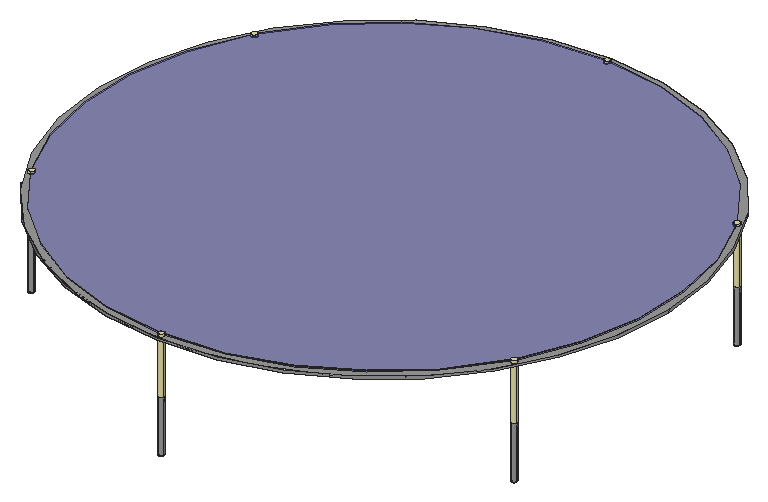
Revit family "ERA Table 120", category Arredi, Revit 2015
Parameters
  URL = "http://www.livingdivani.it"
  Modello = "ERA Table"
  Mat. Piano 2 = Vetro
  Mat. Piano 1 = Satinato
  Mat. Opaco = Liscia - Nero
  Mat. Metallico = Ottone
  Produttore = "LivingDivani"
  Codice Prodotto = "ERAV120R"
Reference planes (cm)
  plane 1 "Centro (Fronte/Retro)": y = 0
  plane 2: z = 0
  plane 3 "Centro (Sinistra/Destra)": x = 0
  plane 4: y = 60
  plane 5: y = -60
  plane 6: x = -60
  plane 7: x = 60
  plane 8 "sopra piano appoggio": z = 23
  plane 9 "sotto piano appoggio": z = 22.2
  plane 10 "laterale sx": x = -50.879
  plane 11 "laterale dx": x = 50.879
  plane 12 "laterale superiore": y = 29.375
  plane 13 "laterale inferiore": y = -29.375
Forms (cm)
  Extrusion 1, solid, material "Satinato" <- "Mat. Piano 1"
    sketch origin (0, 0, 22.2) x (-1, 0, 0) y (0, -1, 0)
      loop
        circle (0, 0) r 60
    from 0 to 0.5
  Extrusion 2, solid, material "Vetro" <- "Mat. Piano 2"
    sketch origin (0, 0, 23) x (-1, 0, 0) y (0, -1, 0)
      loop
        arc (51.1886, -28.8321) -> (58.75, 0) -> (51.1886, 28.8321) r 58.75
        arc (51.1886, 28.8321) -> (50.3377, 29.0625) -> (50.5636, 29.9146) r 0.625
        arc (50.5636, 29.9146) -> (29.375, 50.879) -> (0.625, 58.7467) r 58.75
        arc (0.625, 58.7467) -> (0, 58.125) -> (-0.625, 58.7467) r 0.625
        arc (-0.625, 58.7467) -> (-29.375, 50.879) -> (-50.5636, 29.9146) r 58.75
        arc (-50.5636, 29.9146) -> (-50.3377, 29.0625) -> (-51.1886, 28.8321) r 0.625
        arc (-51.1886, 28.8321) -> (-58.75, 0) -> (-51.1886, -28.8321) r 58.75
        arc (-51.1886, -28.8321) -> (-50.3377, -29.0625) -> (-50.5636, -29.9146) r 0.625
        arc (-50.5636, -29.9146) -> (-29.375, -50.879) -> (-0.625, -58.7467) r 58.75
        arc (-0.625, -58.7467) -> (0, -58.125) -> (0.625, -58.7467) r 0.625
        arc (0.625, -58.7467) -> (29.375, -50.879) -> (50.5636, -29.9146) r 58.75
        arc (50.5636, -29.9146) -> (50.3377, -29.0625) -> (51.1886, -28.8321) r 0.625
    from -0.3 to 0
Dimensions and locks (cm)
  aligned and locked: level to plane 2
Nested families (cm)
  nested 1: "piede tavolo" at (50.879, 29.375, 0), type "h 23cm"
  nested 2: "piede tavolo" at (50.879, -29.375, 0), type "h 23cm"
  nested 3: "piede tavolo" at (-50.879, 29.375, 0) x (-1, 0, 0) z (0, 0, 1), type "h 23cm"
  nested 4: "piede tavolo" at (-50.879, -29.375, 0) x (-1, 0, 0) z (0, 0, 1), type "h 23cm"
  nested 5: "piede tavolo" at (0, 58.75, 0), type "h 23cm"
  nested 6: "piede tavolo" at (0, -58.75, 0), type "h 23cm"
Definition of nested family "piede tavolo"
  Parameters (values of type "h 23cm")
    h3 = h0 - 0.3 cm  # 21.9 cm
    h2 = 10.9 cm
    h1 = h0 - h2 - 0.4 cm  # 10.9 cm
    h0 = h tot - 0.8 cm  # 22.2 cm
    h tot = 23 cm
    Mat. Opaco = none
    Mat. Metallico = none
  Types (5, lengths in cm): name | h3 | h1 | h0 | h tot
    (no name) | 21.9 | 10.9 | 22.2 | 23
    h 23cm | 21.9 | 10.9 | 22.2 | 23
    h 35cm | 33.9 | 22.9 | 34.2 | 35
    h 45cm | 43.9 | 32.9 | 44.2 | 45
    h 50cm | 48.9 | 37.9 | 49.2 | 50
  Reference planes (cm)
    plane 1 "Centro (Fronte/Retro)": y = 0
    plane 2: z = 0
    plane 3 "Centro (Sinistra/Destra)": x = 0
    plane 4 "sopra piano appoggio": z = 23
    plane 5 "sotto piano appoggio": z = 22.2
  Forms (cm)
    Extrusion 1, solid, material <- "Mat. Metallico"
      sketch origin (0, 58.75, 23) x (-1, 0, 0) y (0, -1, 0)
        loop
          circle (0, 58.75) r 0.6
      from -0.3 to 0
    Extrusion 2, solid, material <- "Mat. Metallico"
      sketch origin (0, 0, 22.2) x (-1, 0, 0) y (0, -1, 0)
        loop
          circle (0, 0) r 0.55
      from 0 to -21.9
    Extrusion 3, solid, material <- "Mat. Opaco"
      sketch origin (0, 58.75, 0) x (1, 0, 0) y (0, 1, 0)
        loop
          circle (0, -58.75) r 0.6
      from 0 to 0.3
    Revolve 4, void
      sketch origin (0, 58.75, 0) x (0, 1, 0) y (0, 0, 1)
        loop
          line (-59.35, 0) -> (-59.05, 0)
          arc (-59.05, 0) -> (-59.2621, 0.0879) -> (-59.35, 0.3) r 0.3
          line (-59.35, 0.3) -> (-59.35, 0)
        axis (-58.75, 0) -> (-58.75, 0.3)
      angle from 0 to 360
    Extrusion 5, solid, material <- "Mat. Opaco"
      sketch origin (0, 58.75, 0) x (1, 0, 0) y (0, 1, 0)
        loop
          circle (0, -58.75) r 0.6
        loop
          circle (0, -58.75) r 0.55
      from 0.3 to 11.2
    Extrusion 6, solid, material <- "Mat. Metallico"
      sketch origin (0, 58.75, 0) x (1, 0, 0) y (0, 1, 0)
        loop
          circle (0, -58.75) r 0.6
        loop
          circle (0, -58.75) r 0.55
      from 11.3 to 22.2
  Cuts and joins
    Revolve 4 cuts Extrusion 3
    joined: Extrusion 2, Extrusion 6
  Dimensions and locks (cm)
    "h tot": plane 4 "sopra piano appoggio" to level
    "h0": plane 5 "sotto piano appoggio" to level
    "h1": Extrusion 5 to Extrusion 5
    "h2": plane 5 "sotto piano appoggio" to Extrusion 6
    "h3": plane 5 "sotto piano appoggio" to Extrusion 2
    aligned and locked: level to plane 2
    aligned and locked: plane 4 "sopra piano appoggio" to Extrusion 1
    aligned and locked: plane 5 "sotto piano appoggio" to Extrusion 2
    aligned and locked: plane 5 "sotto piano appoggio" to Extrusion 6
  Automatic sketch dimensions
    plane 1 "Centro (Fronte/Retro)" to Extrusion 1 sketch curve = 0 cm
    Extrusion 1 sketch curve to plane 3 "Centro (Sinistra/Destra)" = 0 cm
    plane 1 "Centro (Fronte/Retro)" to Extrusion 2 sketch curve = 0 cm
    Extrusion 2 sketch curve to plane 3 "Centro (Sinistra/Destra)" = 0 cm
    plane 1 "Centro (Fronte/Retro)" to Extrusion 3 sketch curve = 0 cm
    Extrusion 3 sketch curve to plane 3 "Centro (Sinistra/Destra)" = 0 cm
    Revolve 4 sketch curve to level = 0 cm  (x2)
    Revolve 4 sketch curve to plane 1 "Centro (Fronte/Retro)" = 0 cm
    plane 1 "Centro (Fronte/Retro)" to Revolve 4 sketch curve = 0.3 cm
    Revolve 4 sketch curve to Revolve 4 sketch curve = 0.3 cm
    Revolve 4 sketch curve to Revolve 4 sketch curve = 0.5061 cm
    Extrusion 5 sketch curve to Extrusion 5 sketch curve = 0 cm  (x2)
    plane 1 "Centro (Fronte/Retro)" to Extrusion 5 sketch curve = 0 cm
    Extrusion 5 sketch curve to plane 3 "Centro (Sinistra/Destra)" = 0 cm
    Extrusion 6 sketch curve to Extrusion 6 sketch curve = 0 cm  (x2)
    plane 1 "Centro (Fronte/Retro)" to Extrusion 6 sketch curve = 0 cm
    Extrusion 6 sketch curve to plane 3 "Centro (Sinistra/Destra)" = 0 cm
    radius of Extrusion 1 sketch curve = 0.6 cm
    radius of Extrusion 2 sketch curve = 0.55 cm
    radius of Extrusion 3 sketch curve = 0.6 cm
    radius of Extrusion 5 sketch curve = 0.6 cm
    radius of Extrusion 5 sketch curve = 0.55 cm
    radius of Extrusion 6 sketch curve = 0.6 cm
    radius of Extrusion 6 sketch curve = 0.55 cm
